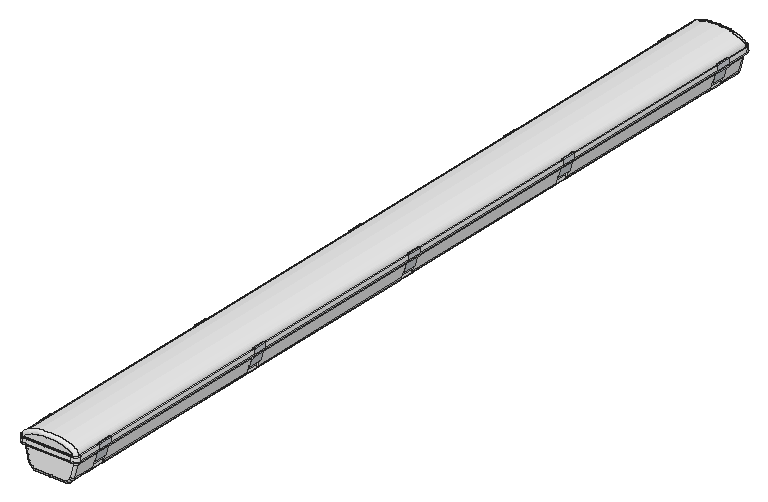
Revit family "0068085", category Lighting Fixtures, host Face, Revit 2017
Family settings
  Host = Face
  Round Connector Dimension = Use Diameter
  Part Type = Normal
  OmniClass Number = 23.80.70.11.14
  OmniClass Title = General Luminaries, Directional
  Cut with Voids When Loaded = Yes
  Light Source = Yes
  Shared = No
  Room Calculation Point = No
Parameters (values of type "0048654 ST WTRPRF T 1500 HO IP65 8300LM 840QC")
  Width = 110 mm
  Weight = "2.51 kg"
  Wattage Comments = "n/a"
  Wattage = 63 W
  WarrantyStartDate [instance] = "n/a"
  WarrantyGuarantorParts = "n/a"
  WarrantyDurationUnit = "n/a"
  WarrantyDurationParts = "n/a"
  WarrantyDescription = "n/a"
  built-in parameter 1150110 = 1 (stored number, unit not read)
  Voltage = 0 V
  URL = "http://www.sylvania-lighting.com"
  TypeName = "START Waterproof T 1500 HO IP65 8300lm 840 QC"
  Type Image = <None>
  Type Comments = "n/a"
  built-in parameter 1114217 = 1 (stored number, unit not read)
  Tilt Angle = -90.00°
  built-in parameter 1150109 = 1 (stored number, unit not read)
  built-in parameter 1150134 = 12
  built-in parameter 1150113 = 1 (stored number, unit not read)
  SerialNumber [instance] = "n/a"
  ReflectorMaterial = none
  PowerFactor = 0.99
  PowerConsumption = "67 W"
  Photometric Web File = "0068085.ies"
  NominalWidth = 0 mm
  NominalLength = 1578 mm
  NominalHeight = 78 mm
  Name = "START Waterproof T 1500 HO IP65 8300lm 840 QC"
  ModelReference = "START Waterproof T 1500 HO IP65 8300lm 840 QC"
  ModelNumber = "0048654"
  Model = "START Waterproof T 1500 HO IP65 8300lm 840 QC"
  Material = "pc polycarbonate housing, pc polycarbonate diffuser"
  ManufacturerName = "Feilo Sylvania"
  Manufacturer = "Feilo Sylvania"
  LuminousEfficacy = "124 lm/W"
  built-in parameter 1150105 = 621.66 (stored number, unit not read)
  Lumens = 7812 lm
  LuminaireType = ""
  built-in parameter 1150115 = 1 (stored number, unit not read)
  LightOutputRatio = "n/a"
  built-in parameter 1150137 = (empty or 0)
  built-in parameter 1150139 = (empty or 0)
  Length = 1572 mm
  LampsType = Lamp  # "LED"
  LampNominalLuminous = "8500 lm"
  LampMacAdamStep = "5"
  LampColourTemperature = "4000 K"
  LampColourRenderingIndex = "80"
  built-in parameter 1150112 = 1 (stored number, unit not read)
  built-in parameter 1150114 = 1 (stored number, unit not read)
  Lamp = "LED"
  Keynote = "16500"
  InstallationDate [instance] = "n/a"
  InputVoltage = "n/a"
  InputNominalFrequency = "n/a"
  built-in parameter 1150132 = (empty or 0)
  built-in parameter 1150102 = (empty or 0)
  built-in parameter 1150107 = 4000 (stored number, unit not read)
  built-in parameter 1150138 = (empty or 0)
  IngressProtection = "IP65"
  ImpactProtectionIndex = "IK08"
  built-in parameter 1150106 = 6.2166 (stored number, unit not read)
  IfcExportType = "IfcLightFixtureType"
  IfcExportAs = "IfcLightFixtureType"
  ExpectedLife = 50000
  Emit from Rectangle Width = Width - 20 mm  # 90 mm
  Emit from Rectangle Length = Length - 20 mm  # 1552 mm
  Emit Shape Visible in Rendering = no
  ElectricShockClassification = "Class I"
  built-in parameter 1150104 = 11.52 (stored number, unit not read)
  DurationUnit = "hours"
  DocumentationLiterature = "http://www.sylvania-lighting.com/product/en-int/products/0048654"
  DimmingControlOptions = "n/a"
  Dimming Lamp Color Temperature Shift = <None>
  DiffuserMaterial = Diffuser-Sylvania-Transparent
  Description = "Start Waterproof, integrated LED weatherproof luminaire, with UV stabilized flat diffuser and linear prisms designed to achieve uniform lit appearance, optimise light output and to reduce glare, stainless steel diffuser clips and fixing brackets for surface and wall mounting. Polycarbonate housing, Polycarbonate diffuser, 8300lm, 67W, 124 lm/W, 4000 K, drive current 1010 mA, non dimmable, 3 hours emergency, CRI 80, IP65, IK08, Class I, nominal average life (h): 50000, 1578mm x 110mm x 78mm, energy class: A++ A+ A, D-mark"
  Default Elevation = 1219.2 mm
  CreatedOn = "7/11/2019"
  CreatedBy = "@sylvania-lighting.com"
  Cost = 0
  Color Filter = 16777215
  built-in parameter 1114216 [instance] = (empty or 0)
  ClassificationValue = "EF_70_80"
  ClassificationName = "Uniclass2015"
  BodyMaterial = Body-Sylvania-Gray
  BarCode [instance] = "n/a"
  built-in parameter 1114218 = 1 (stored number, unit not read)
  built-in parameter 1150133 = 10 (stored number, unit not read)
  AssetType = "Fixed"
  AssetIdentifier [instance] = "n/a"
  Assembly Code = "D5020200"
  Apparent Load = 67 VA
  AccessoryMaterial = Diffuser-Sylvania-Glow
Reference planes
  plane 1 "Center (Front/Back)": y = 0
  plane 2: z = 0
  plane 3 "Center (Left/Right)": x = 0
  plane 4: z = 54
  plane 5: x = -27.7
  plane 6: x = -34.8
  plane 7: x = -39.6
  plane 8: x = -42.2
  plane 9: z = 3
  plane 10: z = 7.8
  plane 11: z = 12.3
  plane 12: z = 36.6
  plane 13: z = 42.8
  plane 14: x = -51.1
  plane 15: z = 46.2
  plane 16: x = -55
  plane 17: y = 786
  plane 18: y = -786
  plane 19: x = 27.7
  plane 20: x = 34.8
  plane 21: x = 39.6
  plane 22: x = 42.2
  plane 23: x = 51.1
  plane 24: x = 55
  plane 25: y = 778.4
  plane 26: y = -778.4
  plane 27: y = -774.7
  plane 28: y = 774.7
  plane 29: z = 74
  plane 30: x = -51.5
  plane 31: x = 51.5
  plane 32: z = 55.2
  plane 33: y = -782.5
  plane 34: y = 782.5
  plane 35: x = -37.5
  plane 36: x = 37.5
  plane 37: x = -48.7
  plane 38: x = 48.7
  plane 39: x = 18
  plane 40: x = -18
  plane 41: z = 50.2
  plane 42: z = 24.6
  plane 43: y = 720
  plane 44: y = 706
  plane 45: y = 734
  plane 46: y = -720
  plane 47: y = 720
  plane 48: y = 706
  plane 49: y = 734
  plane 50: y = -720
  plane 51: y = -734
  plane 52: y = -706
  plane 53: y = 360
  plane 54: y = 346
  plane 55: y = 374
  plane 56: y = 0
  plane 57: y = -14
  plane 58: y = 14
  plane 59: y = -360
  plane 60: y = -374
  plane 61: y = -346
Forms (mm)
  Sweep 1, solid, material "Body-Sylvania-Gray" <- "BodyMaterial", detail levels medium+fine
    path origin (1223.4, -4572, 54) x (0, -1, 0) y (1, 0, 0)
      loop
        arc (-3796, -1278.4) -> (-3788.929, -1275.471) -> (-3786, -1268.4) r 10
        line (-3786, -1268.4) -> (-3786, -1178.4)
        arc (-3786, -1178.4) -> (-3788.929, -1171.329) -> (-3796, -1168.4) r 10
        line (-3796, -1168.4) -> (-5348, -1168.4)
        arc (-5348, -1168.4) -> (-5355.071, -1171.329) -> (-5358, -1178.4) r 10
        line (-5358, -1178.4) -> (-5358, -1268.4)
        arc (-5358, -1268.4) -> (-5355.071, -1275.471) -> (-5348, -1278.4) r 10
        line (-5348, -1278.4) -> (-3796, -1278.4)
    profile origin (-55, 0, 54) x (-1, 0, 0) y (0, 0, 1)
      loop
        line (0, 0) -> (-1, 0) -> (-1, -7.726)
        arc (-1, -7.726) -> (-1.994, -9.498) -> (-3.9, -10.2) r 2.937
        line (-3.9, -10.2) -> (-8.571, -10.2) -> (-8.571, -11.2) -> (-3.9, -11.2)
        arc (-3.9, -11.2) -> (-1.313, -10.231) -> (0, -7.8) r 3.937
        line (0, -7.8) -> (0, 0)
  Sweep 2, solid, material "Body-Sylvania-Gray" <- "BodyMaterial", detail levels medium+fine
    path origin (0, 0, 0) x (1, 0, 0) y (0, 0, 1)
      loop
        line (48.7, 42.8) -> (48.7, 36.6) -> (42.203, 12.31)
        arc (42.203, 12.31) -> (41.199, 9.884) -> (39.6, 7.8) r 10.052
        line (39.6, 7.8) -> (34.8, 3)
        arc (34.8, 3) -> (31.554, 0.781) -> (27.7, 0) r 9.902
        line (27.7, 0) -> (0, 0) -> (-27.7, 0)
        arc (-27.7, 0) -> (-31.554, 0.781) -> (-34.8, 3) r 9.902
        line (-34.8, 3) -> (-39.6, 7.8)
        arc (-39.6, 7.8) -> (-41.199, 9.884) -> (-42.203, 12.31) r 10.052
        line (-42.203, 12.31) -> (-48.7, 36.6) -> (-48.7, 42.8)
    profile origin (0, 0, 0) x (0, 0, -1) y (0, -1, 0)
      loop
        arc (0, 773.4) -> (-1.464, 776.936) -> (-5, 778.4) r 5
        line (-5, 778.4) -> (-7.8, 778.4) -> (-7.8, -778.4) -> (-5, -778.4)
        arc (-5, -778.4) -> (-1.464, -776.936) -> (0, -773.4) r 5
        line (0, -773.4) -> (0, 773.4)
  Extrusion 3, solid, material "Body-Sylvania-Gray" <- "BodyMaterial", detail levels medium+fine
    sketch origin (1524, 778.4, 1219.2) x (1, 0, 0) y (0, 0, 1)
      loop
        arc (-1558.668, -1204.874) -> (-1558.443, -1205.418) -> (-1558.085, -1205.885) r 2.252
        line (-1558.085, -1205.885) -> (-1553.231, -1210.738)
        arc (-1553.231, -1210.738) -> (-1552.534, -1211.227) -> (-1551.7, -1211.4) r 2.102
        line (-1551.7, -1211.4) -> (-1496.3, -1211.4)
        arc (-1496.3, -1211.4) -> (-1495.466, -1211.227) -> (-1494.769, -1210.738) r 2.102
        line (-1494.769, -1210.738) -> (-1489.915, -1205.885)
        arc (-1489.915, -1205.885) -> (-1489.557, -1205.418) -> (-1489.332, -1204.874) r 2.252
        line (-1489.332, -1204.874) -> (-1483.1, -1181.575) -> (-1483.1, -1176.4) -> (-1564.9, -1176.4) -> (-1564.9, -1181.575) -> (-1558.668, -1204.874)
    from 0 to 1556.8
  Sweep 4, solid, material "Diffuser-Sylvania-Transparent" <- "DiffuserMaterial", detail levels medium+fine
    path origin (0, 0, 0) x (1, 0, 0) y (0, 0, 1)
      loop
        spline (-51.5, 55.2) -> (-49.745, 60.066) -> (-44.6, 64.6) -> (-36.416, 68.494) -> (-25.75, 71.481) -> (-13.329, 73.359) -> (0, 74) -> (13.329, 73.359) -> (25.75, 71.481) -> (36.416, 68.494) -> (44.6, 64.6) -> (49.745, 60.066) -> (51.5, 55.2)
    profile origin (51.5, 0, 55.2) x (0, -1, 0) y (1, 0, 0)
      loop
        arc (782.5, -5.5) -> (780.889, -1.611) -> (777, 0) r 5.5
        line (777, 0) -> (-777, 0)
        arc (-777, 0) -> (-780.889, -1.611) -> (-782.5, -5.5) r 5.5
        line (-782.5, -5.5) -> (-782.5, -6.3) -> (-781.5, -6.3) -> (-781.5, -5.5)
        arc (-781.5, -5.5) -> (-780.182, -2.318) -> (-777, -1) r 4.5
        line (-777, -1) -> (777, -1)
        arc (777, -1) -> (780.182, -2.318) -> (781.5, -5.5) r 4.5
        line (781.5, -5.5) -> (781.5, -6.347) -> (782.5, -6.347) -> (782.5, -5.5)
  Extrusion 5, solid, material "Diffuser-Sylvania-Transparent" <- "DiffuserMaterial", detail levels medium+fine
    sketch origin (1524, -782.5, 1219.2) x (1, 0, 0) y (0, 0, 1)
      loop
        line (-1569.653, -1164) -> (-1478.347, -1164)
        spline (-1478.347, -1164) -> (-1478.969, -1162.594) -> (-1482.527, -1159.545) -> (-1489.588, -1156.201) -> (-1499.458, -1153.445) -> (-1511.242, -1151.663) -> (-1524, -1151.049) -> (-1536.758, -1151.663) -> (-1548.542, -1153.445) -> (-1558.412, -1156.201) -> (-1565.473, -1159.545) -> (-1569.031, -1162.594) -> (-1569.653, -1164)
    from 0 to -1
  Extrusion 6, solid, material "Diffuser-Sylvania-Transparent" <- "DiffuserMaterial", detail levels medium+fine
    sketch origin (1524, 782.5, 1219.2) x (1, 0, 0) y (0, 0, 1)
      loop
        spline (-1478.3, -1164) -> (-1478.931, -1162.565) -> (-1482.502, -1159.505) -> (-1489.572, -1156.155) -> (-1499.446, -1153.394) -> (-1511.236, -1151.614) -> (-1524, -1151.007) -> (-1536.764, -1151.614) -> (-1548.554, -1153.394) -> (-1558.428, -1156.155) -> (-1565.498, -1159.505) -> (-1569.069, -1162.565) -> (-1569.7, -1164)
        line (-1569.7, -1164) -> (-1478.3, -1164)
    from 0 to 1
  Extrusion 7, solid, material "Diffuser-Sylvania-Transparent" <- "DiffuserMaterial", detail levels medium+fine
    sketch origin (1223.4, -4572, 55.2) x (0, -1, 0) y (-1, 0, 0)
      loop
        arc (-5353.5, 1177.4) -> (-5352.182, 1174.218) -> (-5349, 1172.9) r 4.5
        line (-5349, 1172.9) -> (-3795, 1172.9)
        arc (-3795, 1172.9) -> (-3791.818, 1174.218) -> (-3790.5, 1177.4) r 4.5
        line (-3790.5, 1177.4) -> (-3790.5, 1269.4)
        arc (-3790.5, 1269.4) -> (-3791.818, 1272.582) -> (-3795, 1273.9) r 4.5
        line (-3795, 1273.9) -> (-5349, 1273.9)
        arc (-5349, 1273.9) -> (-5352.182, 1272.582) -> (-5353.5, 1269.4) r 4.5
        line (-5353.5, 1269.4) -> (-5353.5, 1177.4)
      loop
        line (-5358, 1268.4) -> (-5358, 1178.4)
        arc (-5358, 1178.4) -> (-5355.071, 1171.329) -> (-5348, 1168.4) r 10
        line (-5348, 1168.4) -> (-3796, 1168.4)
        arc (-3796, 1168.4) -> (-3788.929, 1171.329) -> (-3786, 1178.4) r 10
        line (-3786, 1178.4) -> (-3786, 1268.4)
        arc (-3786, 1268.4) -> (-3788.929, 1275.471) -> (-3796, 1278.4) r 10
        line (-3796, 1278.4) -> (-5348, 1278.4)
        arc (-5348, 1278.4) -> (-5355.071, 1275.471) -> (-5358, 1268.4) r 10
    from 0 to 1.2
  Extrusion 8, solid, material "Diffuser-Sylvania-Glow" <- "AccessoryMaterial", detail levels fine
    sketch origin (0, 0, 0) x (1, 0, 0) y (0, 0, 1)
      loop
        circle (-18, 50.2) r 8
      loop
        circle (18, 50.2) r 8
    from -774.7 to 774.7
  Extrusion 9, void
    sketch origin (0, 720, 2343.807) x (0, 0, -1) y (-1, 0, 0)
      loop
        line (2340.807, -37.5) -> (2331.507, -37.5) -> (2319.207, -42.2) -> (2319.207, -48.7) -> (2340.807, -48.7) -> (2340.807, -37.5)
      loop
        line (2340.807, 37.5) -> (2340.807, 48.7) -> (2319.207, 48.7) -> (2319.207, 42.2) -> (2331.507, 37.5) -> (2340.807, 37.5)
    from -14 to 14
  Extrusion 10, solid, material "Body-Sylvania-Gray" <- "BodyMaterial", detail levels coarse
    sketch origin (0, 0, 0) x (1, 0, 0) y (0, 0, 1)
      loop
        line (55, 42.8) -> (55, 55.2) -> (-55, 55.2) -> (-55, 42.791) -> (-42.2, 0) -> (42.2, 0) -> (55, 42.8)
    from -786 to 786
  Extrusion 11, solid, material "Diffuser-Sylvania-Transparent" <- "DiffuserMaterial", detail levels coarse
    sketch origin (0, 0, 0) x (1, 0, 0) y (0, 0, 1)
      loop
        arc (51.5, 55.2) -> (0, 74) -> (-51.5, 55.2) r 79.939
        line (-51.5, 55.2) -> (51.5, 55.2)
    from 778.4 to -778.4
  Extrusion 12, void, not visible
    sketch origin (0, 720, 2343.807) x (0, 0, -1) y (-1, 0, 0)
      loop
        line (2340.807, -37.5) -> (2331.507, -37.5) -> (2319.207, -42.2) -> (2319.207, -48.7) -> (2340.807, -48.7) -> (2340.807, -37.5)
      loop
        line (2340.807, 37.5) -> (2340.807, 48.7) -> (2319.207, 48.7) -> (2319.207, 42.2) -> (2331.507, 37.5) -> (2340.807, 37.5)
    from -14 to 14
  Extrusion 13, void
    sketch origin (0, -720, 2343.807) x (0, 0, -1) y (-1, 0, 0)
      loop
        line (2340.807, -37.5) -> (2331.507, -37.5) -> (2319.207, -42.2) -> (2319.207, -48.7) -> (2340.807, -48.7) -> (2340.807, -37.5)
      loop
        line (2340.807, 37.5) -> (2340.807, 48.7) -> (2319.207, 48.7) -> (2319.207, 42.2) -> (2331.507, 37.5) -> (2340.807, 37.5)
    from -14 to 14
  Extrusion 14, void
    sketch origin (0, 360, 2343.807) x (0, 0, -1) y (-1, 0, 0)
      loop
        line (2340.807, -37.5) -> (2331.507, -37.5) -> (2319.207, -42.2) -> (2319.207, -48.7) -> (2340.807, -48.7) -> (2340.807, -37.5)
      loop
        line (2340.807, 37.5) -> (2340.807, 48.7) -> (2319.207, 48.7) -> (2319.207, 42.2) -> (2331.507, 37.5) -> (2340.807, 37.5)
    from -14 to 14
  Extrusion 15, void
    sketch origin (0, 0, 2343.807) x (0, 0, -1) y (-1, 0, 0)
      loop
        line (2340.807, -37.5) -> (2331.507, -37.5) -> (2319.207, -42.2) -> (2319.207, -48.7) -> (2340.807, -48.7) -> (2340.807, -37.5)
      loop
        line (2340.807, 37.5) -> (2340.807, 48.7) -> (2319.207, 48.7) -> (2319.207, 42.2) -> (2331.507, 37.5) -> (2340.807, 37.5)
    from -14 to 14
  Extrusion 16, void
    sketch origin (0, -360, 2343.807) x (0, 0, -1) y (-1, 0, 0)
      loop
        line (2340.807, -37.5) -> (2331.507, -37.5) -> (2319.207, -42.2) -> (2319.207, -48.7) -> (2340.807, -48.7) -> (2340.807, -37.5)
      loop
        line (2340.807, 37.5) -> (2340.807, 48.7) -> (2319.207, 48.7) -> (2319.207, 42.2) -> (2331.507, 37.5) -> (2340.807, 37.5)
    from -14 to 14
Cuts and joins
  Extrusion 9, Extrusion 13, Extrusion 14, Extrusion 15, Extrusion 16 cuts Sweep 2
  Extrusion 13, Extrusion 14, Extrusion 15, Extrusion 16 cuts Extrusion 3
  joined: Sweep 2, Extrusion 3
  joined: Sweep 4, Extrusion 5, Extrusion 6
Dimensions and locks
  locked: plane 4 to plane 2 at 54
  plane 5 to plane 6 to plane 7 to plane 8 to plane 14 to plane 16 = 7.1 mm locked, 4.8 mm locked, 2.6 mm locked, 8.9 mm, 3.9 mm
  plane 4 to plane 15 to plane 13 to plane 12 to plane 11 to plane 10 to plane 9 = 7.8 mm locked, 3.4 mm, 6.2 mm locked, 24.3 mm locked, 4.5 mm locked, 4.8 mm locked
  equal spacing: plane 18, plane 1 "Center (Front/Back)", plane 17
  "Length": plane 18 to plane 17
  plane 19 to plane 20 to plane 21 to plane 22 to plane 23 to plane 24 = 7.1 mm locked, 4.8 mm locked, 2.6 mm locked, 8.9 mm, 3.9 mm
  equal spacing: plane 24, plane 3 "Center (Left/Right)", plane 16
  "Width": plane 24 to plane 16
  equal spacing: plane 27, plane 1 "Center (Front/Back)", plane 28
  locked: plane 26 to plane 27 at 3.7
  locked: Sweep 1 sketch curve to profile plane at 1
  locked: Sweep 1 sketch curve to plane 13 at 1
  locked: Sweep 1 sketch curve to plane 13 at 3.937  (x2)
  locked: Sweep 1 sketch curve to profile plane at 3.9  (x2)
  locked: plane 29 to plane 4 at 20
  equal spacing: plane 31, plane 3 "Center (Left/Right)", plane 30
  locked: plane 30 to plane 16 at 3.5
  locked: plane 32 to plane 4 at 1.2
  equal spacing: plane 33, plane 1 "Center (Front/Back)", plane 34
  equal spacing: plane 36, plane 3 "Center (Left/Right)", plane 35
  locked: plane 3 "Center (Left/Right)" to plane 35 at 37.5
  locked: plane 34 to plane 17 at 3.5
  equal spacing: plane 38, plane 3 "Center (Left/Right)", plane 37
  locked: plane 37 to plane 16 at 6.3
  equal spacing: plane 25, plane 1 "Center (Front/Back)", plane 26
  locked: plane 17 to plane 25 at 7.6
  locked: Sweep 2 sketch curve to plane 2 at 5  (x2)
  locked: Sweep 2 sketch curve to plane 26 at 5
  locked: plane 25 to Sweep 2 sketch curve at 5
  locked: Sweep 4 sketch curve to plane 31 at 5.5  (x2)
  locked: Sweep 4 sketch curve to plane 34 at 5.5
  plane 33 to Sweep 4 sketch curve = 5.5 mm
  locked: plane 34 to Sweep 4 sketch curve at 1
  locked: Sweep 4 sketch curve to plane 31 at 1
  locked: Sweep 4 sketch curve to Sweep 4 sketch curve at 1
  locked: Sweep 4 sketch curve to plane 31 at 6.347
  locked: Sweep 4 sketch curve to plane 31 at 6.3
  equal spacing: plane 39, plane 3 "Center (Left/Right)", plane 40
  locked: plane 3 "Center (Left/Right)" to plane 40 at 18
  locked: plane 42 to plane 2 at 24.6
  plane 45 to plane 43 to plane 44 = 14 mm locked, 14 mm locked
  locked: plane 17 to plane 43 at 66
  equal spacing: plane 43, plane 1 "Center (Front/Back)", plane 46
  plane 49 to plane 47 to plane 48 = 14 mm locked, 14 mm locked
  plane 52 to plane 50 to plane 51 = 14 mm locked, 14 mm locked  (x2)
  equal spacing: group 1, group 6, group 7, group 8, group 5  (x2)
  equal spacing: group 5, group 8, group 7, group 6, group 1
  plane 55 to plane 53 to plane 54 = 14 mm locked, 14 mm locked  (x2)
  plane 58 to plane 56 to plane 57 = 14 mm locked, 14 mm locked  (x2)
  plane 61 to plane 59 to plane 60 = 14 mm locked, 14 mm locked  (x2)
  plane 43 to plane 53 to plane 1 "Center (Front/Back)" to plane 59 to plane 50 = 360 mm locked, 360 mm locked, 360 mm locked, 360 mm locked
  aligned and locked: plane 2 to host face
  aligned and locked: level to host face
  aligned and locked: plane 16 to Sweep 1 sketch curve
  aligned and locked: Sweep 1 sketch curve to plane 24
  aligned and locked: plane 18 to Sweep 1 sketch curve
  aligned and locked: Sweep 1 sketch curve to plane 13
  aligned and locked: profile plane to Sweep 1 sketch curve
  aligned and locked: plane 3 "Center (Left/Right)" to Sweep 2 sketch curve
  aligned and locked: plane 9 to Sweep 2 sketch curve
  aligned and locked: plane 10 to Sweep 2 sketch curve
  aligned and locked: plane 37 to Sweep 2 sketch curve
  aligned and locked: plane 12 to Sweep 2 sketch curve
  aligned and locked: Sweep 2 sketch curve to level
  aligned and locked: plane 21 to Sweep 2 sketch curve
  aligned and locked: plane 38 to Sweep 2 sketch curve
  aligned and locked: profile plane to Sweep 2 sketch curve
  aligned and locked: plane 25 to Sweep 2 sketch curve
  aligned and locked: Sweep 2 sketch curve to plane 10
  aligned and locked: Extrusion 3 sketch curve to Sweep 2  (x7)
  aligned and locked: Sweep 2 to Extrusion 3 sketch curve
  aligned and locked: Extrusion 3 to plane 25
  aligned and locked: plane 26 to Extrusion 3
  aligned and locked: plane 32 to Sweep 4 sketch curve
  aligned and locked: plane 33 to Sweep 4 sketch curve
  aligned and locked: Sweep 4 to Extrusion 5
  aligned and locked: plane 33 to Extrusion 5
  aligned and locked: Extrusion 5 sketch curve to Sweep 4
  aligned and locked: cut or joined group of Sweep 4, Extrusion 5, Extrusion 6 to Extrusion 6 sketch curve
  aligned and locked: Extrusion 7 sketch curve to cut or joined group of Sweep 4, Extrusion 5, Extrusion 6  (x2)
  aligned and locked: cut or joined group of Sweep 4, Extrusion 5, Extrusion 6 to Extrusion 7 sketch curve  (x2)
  aligned and locked: plane 41 to Extrusion 8 sketch curve  (x2)
  aligned and locked: plane 39 to Extrusion 8 sketch curve
  aligned and locked: plane 27 to Extrusion 8
  aligned and locked: Extrusion 8 to plane 28
  aligned and locked: Extrusion 9 to plane 42
  aligned and locked: plane 9 to Extrusion 9
  aligned and locked: plane 44 to Extrusion 9
  aligned and locked: Extrusion 9 to plane 45
  aligned and locked: Extrusion 7 sketch curve to Sweep 1  (x4)
  aligned and locked: plane 4 to Extrusion 7
  aligned and locked: Extrusion 7 to plane 32
  aligned and locked: nested 2 to plane 43
  aligned and locked: plane 43 to nested 1
  aligned and locked: Extrusion 10 sketch curve to plane 24
  aligned and locked: Extrusion 10 sketch curve to Extrusion 7
  aligned and locked: plane 8 to Extrusion 10 sketch curve
  aligned and locked: plane 22 to Extrusion 10 sketch curve
  aligned and locked: level to Extrusion 10 sketch curve
  aligned and locked: Extrusion 10 to plane 17
  aligned and locked: plane 18 to Extrusion 10
  aligned and locked: cut or joined group of Sweep 4, Extrusion 5, Extrusion 6 to Extrusion 11 sketch curve
  aligned and locked: Extrusion 11 sketch curve to cut or joined group of Sweep 4, Extrusion 5, Extrusion 6  (x2)
  aligned and locked: plane 31 to Extrusion 11 sketch curve
  aligned and locked: plane 30 to Extrusion 11 sketch curve
  aligned and locked: plane 26 to Extrusion 11
  aligned and locked: Extrusion 11 to plane 25
  aligned and locked: imposter light to plane 29
  aligned and locked: plane 3 "Center (Left/Right)" to imposter light
  aligned and locked: plane 1 "Center (Front/Back)" to imposter light
  aligned and locked: plane 51 to Extrusion 13
  aligned and locked: Extrusion 13 to plane 52
  aligned and locked: plane 54 to Extrusion 14
  aligned and locked: Extrusion 14 to plane 55
  aligned and locked: plane 57 to Extrusion 15
  aligned and locked: Extrusion 15 to plane 58
  aligned and locked: plane 60 to Extrusion 16
  aligned and locked: Extrusion 16 to plane 61
  aligned and locked: nested 3 to plane 53
  aligned and locked: plane 53 to nested 10
  aligned and locked: nested 4 to plane 56
  aligned and locked: plane 56 to nested 9
  aligned and locked: nested 5 to plane 59
  aligned and locked: plane 59 to nested 8
  aligned and locked: nested 6 to plane 50
  aligned and locked: plane 50 to nested 7
Automatic sketch dimensions
  host sketch curve to host sketch curve = 2438.4 mm  (x2)
  plane 17 to Sweep 1 sketch curve = 0 mm
  Sweep 1 sketch curve to plane 28 = 1.3 mm
  Sweep 1 sketch curve to plane 7 = 5.4 mm
  plane 27 to Sweep 1 sketch curve = 1.3 mm  (x2)
  Sweep 1 sketch curve to Sweep 1 sketch curve = 4.671 mm
  Sweep 1 sketch curve to plane 4 = 0 mm
  Sweep 2 sketch curve to plane 7 = 0 mm
  Sweep 2 sketch curve to plane 6 = 0 mm
  Sweep 2 sketch curve to plane 5 = 0 mm
  plane 19 to Sweep 2 sketch curve = 0 mm
  Sweep 2 sketch curve to plane 9 = 0 mm
  plane 20 to Sweep 2 sketch curve = 0 mm
  Sweep 2 sketch curve to plane 12 = 0 mm
  Sweep 2 sketch curve to plane 10 = 0 mm
  Sweep 2 sketch curve to plane 13 = 0 mm  (x2)
  Sweep 2 sketch curve to plane 8 = 0.003 mm
  plane 6 to Sweep 2 sketch curve = 2.308 mm
  plane 20 to Sweep 2 sketch curve = 2.308 mm
  Sweep 2 sketch curve to plane 22 = 0.003 mm
  Sweep 2 sketch curve to plane 11 = 0.01 mm  (x2)
  Extrusion 3 sketch curve to plane 5 = 0 mm
  plane 19 to Extrusion 3 sketch curve = 0 mm
  plane 6 to Extrusion 3 sketch curve = 0.132 mm
  plane 6 to Extrusion 3 sketch curve = 0.715 mm
  Extrusion 3 sketch curve to Extrusion 3 sketch curve = 1.592 mm
  Extrusion 3 sketch curve to plane 10 = 0.662 mm  (x2)
  plane 20 to Extrusion 3 sketch curve = 2.308 mm
  plane 20 to Extrusion 3 sketch curve = 0.715 mm
  plane 20 to Extrusion 3 sketch curve = 0.132 mm
  Sweep 4 sketch curve to plane 30 = 0 mm
  Sweep 4 sketch curve to plane 3 "Center (Left/Right)" = 0 mm
  Sweep 4 sketch curve to Sweep 4 sketch curve = 0 mm  (x2)
  plane 37 to Extrusion 5 sketch curve = 3.047 mm
  Extrusion 5 sketch curve to plane 38 = 3.047 mm
  plane 37 to Extrusion 6 sketch curve = 3 mm
  Extrusion 6 sketch curve to plane 38 = 3 mm
  plane 25 to Extrusion 7 sketch curve = 1.4 mm  (x2)
  Extrusion 7 sketch curve to plane 26 = 1.4 mm  (x2)
  Extrusion 8 sketch curve to plane 40 = 0 mm
  Extrusion 9 sketch curve to Extrusion 9 sketch curve = 0 mm
  Extrusion 9 sketch curve to Extrusion 9 sketch curve = 12.3 mm  (x2)
  Extrusion 9 sketch curve to Extrusion 9 sketch curve = 9.3 mm  (x2)
  Extrusion 9 sketch curve to Extrusion 9 sketch curve = 6.5 mm
  Extrusion 9 sketch curve to Extrusion 9 sketch curve = 4.7 mm  (x2)
  Extrusion 9 sketch curve to Extrusion 9 sketch curve = 75 mm
  Extrusion 9 sketch curve to Extrusion 9 sketch curve = 11.2 mm
  Extrusion 10 sketch curve to plane 13 = 0 mm
  plane 13 to Extrusion 10 sketch curve = 0.009 mm
  Extrusion 11 sketch curve to level = 5.939 mm
  Extrusion 10 sketch curve to plane 16 = 0 mm
  Extrusion 12 sketch curve to Extrusion 12 sketch curve = 0 mm
  Extrusion 12 sketch curve to Extrusion 12 sketch curve = 12.3 mm  (x2)
  Extrusion 12 sketch curve to Extrusion 12 sketch curve = 9.3 mm  (x2)
  Extrusion 12 sketch curve to Extrusion 12 sketch curve = 6.5 mm
  Extrusion 12 sketch curve to Extrusion 12 sketch curve = 4.7 mm  (x2)
  Extrusion 12 sketch curve to Extrusion 12 sketch curve = 75 mm
  Extrusion 12 sketch curve to Extrusion 12 sketch curve = 11.2 mm
  Extrusion 13 sketch curve to Extrusion 13 sketch curve = 0 mm
  Extrusion 13 sketch curve to Extrusion 13 sketch curve = 12.3 mm  (x2)
  Extrusion 13 sketch curve to Extrusion 13 sketch curve = 9.3 mm  (x2)
  Extrusion 13 sketch curve to Extrusion 13 sketch curve = 6.5 mm
  Extrusion 13 sketch curve to Extrusion 13 sketch curve = 4.7 mm  (x2)
  Extrusion 13 sketch curve to Extrusion 13 sketch curve = 75 mm
  Extrusion 13 sketch curve to Extrusion 13 sketch curve = 11.2 mm
  Extrusion 14 sketch curve to Extrusion 14 sketch curve = 0 mm
  Extrusion 14 sketch curve to Extrusion 14 sketch curve = 12.3 mm  (x2)
  Extrusion 14 sketch curve to Extrusion 14 sketch curve = 9.3 mm  (x2)
  Extrusion 14 sketch curve to Extrusion 14 sketch curve = 6.5 mm
  Extrusion 14 sketch curve to Extrusion 14 sketch curve = 4.7 mm  (x2)
  Extrusion 14 sketch curve to Extrusion 14 sketch curve = 75 mm
  Extrusion 14 sketch curve to Extrusion 14 sketch curve = 11.2 mm
  Extrusion 15 sketch curve to Extrusion 15 sketch curve = 0 mm
  Extrusion 15 sketch curve to Extrusion 15 sketch curve = 12.3 mm  (x2)
  Extrusion 15 sketch curve to Extrusion 15 sketch curve = 9.3 mm  (x2)
  Extrusion 15 sketch curve to Extrusion 15 sketch curve = 6.5 mm
  Extrusion 15 sketch curve to Extrusion 15 sketch curve = 4.7 mm  (x2)
  Extrusion 15 sketch curve to Extrusion 15 sketch curve = 75 mm
  Extrusion 15 sketch curve to Extrusion 15 sketch curve = 11.2 mm
  Extrusion 16 sketch curve to Extrusion 16 sketch curve = 0 mm
  Extrusion 16 sketch curve to Extrusion 16 sketch curve = 12.3 mm  (x2)
  Extrusion 16 sketch curve to Extrusion 16 sketch curve = 9.3 mm  (x2)
  Extrusion 16 sketch curve to Extrusion 16 sketch curve = 6.5 mm
  Extrusion 16 sketch curve to Extrusion 16 sketch curve = 4.7 mm  (x2)
  Extrusion 16 sketch curve to Extrusion 16 sketch curve = 75 mm
  Extrusion 16 sketch curve to Extrusion 16 sketch curve = 11.2 mm
  radius of Extrusion 8 sketch curve = 8 mm  (x2)
Nested families
  nested 1: "Clip" at (42.2, 720, 24.6), type "Clip", detail levels fine
  nested 2: "Clip" at (-42.2, 720, 24.6) x (-1, 0, 0) z (0, 0, 1), type "Clip", detail levels fine
  nested 3: "Clip" at (-42.2, 360, 24.6) x (-1, 0, 0) z (0, 0, 1), type "Clip", detail levels fine
  nested 4: "Clip" at (-42.2, 0, 24.6) x (-1, 0, 0) z (0, 0, 1), type "Clip", detail levels fine
  nested 5: "Clip" at (-42.2, -360, 24.6) x (-1, 0, 0) z (0, 0, 1), type "Clip", detail levels fine
  nested 6: "Clip" at (-42.2, -720, 24.6) x (-1, 0, 0) z (0, 0, 1), type "Clip", detail levels fine
  nested 7: "Clip" at (42.2, -720, 24.6), type "Clip", detail levels fine
  nested 8: "Clip" at (42.2, -360, 24.6), type "Clip", detail levels fine
  nested 9: "Clip" at (42.2, 0, 24.6), type "Clip", detail levels fine
  nested 10: "Clip" at (42.2, 360, 24.6), type "Clip", detail levels fine
Connectors
  electrical at (0, 0, 0), driven by "Apparent Load"
    settings: index 1, voltage 230 V, apparent load 67 VA, apparent load phase1 0 VA, apparent load phase2 0 VA, apparent load phase3 0 VA, power factor 0, load classification "Lighting", number of poles 1, system type 30, power factor state 1, is connector primary yes, connector utility no, sub classification motor no, connector description ""
Definition of nested family "Clip"
  Parameters (values of type "Clip")
    URL = "http://www.feilosylvania.com"
    Type Comments = "n/a"
    Model = "n/a"
    Manufacturer = "Feilo Sylvania"
    Keynote = "n/a"
    Description = "n/a"
    Default Elevation = 1219.2 mm
    Cost = 0
    BodyMaterial = none
    Assembly Code = "n/a"
  Reference planes
    plane 1 "Center (Front/Back)": y = 0
    plane 2: z = 0
    plane 3 "Center (Left/Right)": x = 0
    plane 4: x = 3.3
    plane 5: x = 6.5
    plane 6: x = 8.9
    plane 7: x = 12.8
    plane 8: z = 12
    plane 9: z = 18.2
    plane 10: z = 21.6
    plane 11: z = 30.6
    plane 12: x = 9.3
    plane 13: z = 19.2
    plane 14: z = 16.2
    plane 15: x = 10.1
    plane 16: y = 12
    plane 17: y = -12
  Forms (mm)
    Extrusion 1, solid
      sketch origin (-0.8, 0, 0) x (1, 0, 0) y (0, 1, 0)
        loop
          line (-1219.2, 1219.2) -> (-1219.2, -1219.2) -> (1219.2, -1219.2) -> (1219.2, 1219.2) -> (-1219.2, 1219.2)
      from 0 to -304.8
    Extrusion 2, solid
      sketch origin (0, 0, 0) x (1, 0, 0) y (0, 0, 1)
        loop
          line (8.9, 16.2) -> (4.58, 0) -> (0, 0) -> (0, -0.8) -> (5.195, -0.8) -> (9.603, 15.731) -> (13.6, 18.806) -> (13.6, 30.6)
          arc (13.6, 30.6) -> (11.45, 32.75) -> (9.3, 30.6) r 2.15
          line (9.3, 30.6) -> (10.1, 30.6)
          arc (10.1, 30.6) -> (11.45, 31.95) -> (12.8, 30.6) r 1.35
          line (12.8, 30.6) -> (12.8, 19.2) -> (8.9, 16.2)
      from -12 to 12
  Lines and regions (mm)
    reference lines
      curve 1: line (3.3, 0, 0) -> (6.5, 0, 12)
      curve 2: arc (8.9, 0, 18.2) -> (11.488, 0, 19.169) -> (12.8, 0, 21.6) r 3.934
  Dimensions and locks
    plane 7 to plane 6 to plane 5 to plane 4 to plane 3 "Center (Left/Right)" = 3.9 mm locked, 2.4 mm locked, 3.2 mm locked, 3.3 mm locked
    plane 11 to plane 10 to plane 9 to plane 8 to plane 2 = 9 mm locked, 3.4 mm locked, 6.2 mm locked, 12 mm locked
    locked: plane 7 to plane 12 at 3.5
    locked: plane 13 to plane 9 at 1
    locked: plane 9 to plane 14 at 2
    locked: plane 15 to plane 12 at 0.8
    locked: plane 2 to Extrusion 2 sketch curve at 0.8
    locked: Extrusion 2 sketch curve to Extrusion 2 sketch curve at 0.8  (x3)
    locked: plane 7 to Extrusion 2 sketch curve at 1.35
    equal spacing: plane 17, plane 1 "Center (Front/Back)", plane 16
    locked: plane 1 "Center (Front/Back)" to plane 16 at 12
    aligned and locked: plane 2 to Extrusion 1
    aligned and locked: level to Extrusion 1
    aligned and locked: plane 4 to curve 1
    aligned and locked: plane 5 to curve 1
    aligned and locked: plane 6 to curve 2
    aligned and locked: plane 10 to curve 2
    aligned and locked: plane 14 to Extrusion 2 sketch curve
    aligned and locked: plane 13 to Extrusion 2 sketch curve
    aligned and locked: plane 7 to Extrusion 2 sketch curve
    aligned and locked: plane 3 "Center (Left/Right)" to Extrusion 2 sketch curve
    aligned and locked: Extrusion 2 sketch curve to level
    aligned and locked: Extrusion 2 sketch curve to plane 11
    aligned and locked: plane 11 to Extrusion 2 sketch curve
    aligned and locked: Extrusion 2 to plane 16
    aligned and locked: plane 17 to Extrusion 2
  Automatic sketch dimensions
    Extrusion 1 sketch curve to Extrusion 1 sketch curve = 2438.4 mm  (x2)
    curve 2 to plane 7 = 0 mm
    curve 1 to level = 0 mm
    curve 1 to plane 8 = 0 mm
    curve 2 to plane 9 = 0 mm
    plane 6 to curve 2 = 0.002 mm
    Extrusion 2 sketch curve to Extrusion 2 sketch curve = 0 mm
    Extrusion 2 sketch curve to plane 6 = 0 mm
    plane 4 to Extrusion 2 sketch curve = 1.28 mm
